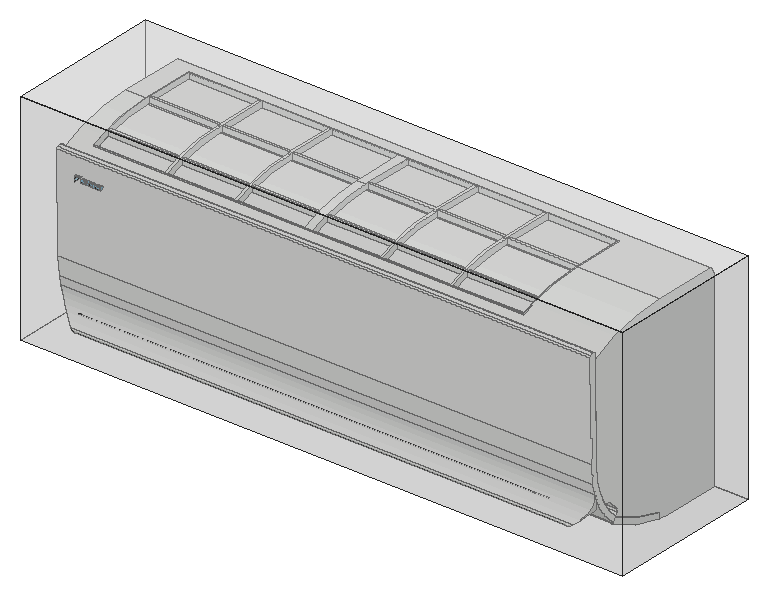
Revit family "outputfile", category 機械設備, Revit 2024
Family settings
  丸型コネクタ寸法 = 半径を使用
  パーツ タイプ = 標準
  OmniClass 番号 = 23.75.10.24.21.27.27
  OmniClass タイトル = Split System Air Conditioning Units
  作業面ベース = いいえ
  常に垂直 = はい
  ロード時にボイドで切り取り = いいえ
  注釈の向きを維持 = いいえ
  共有 = いいえ
  部屋計算ポイント = いいえ
Parameters (values of type "FTKE09YV2S")
  Description = ""
  製造元 = "Daikin"
  書き出し IFC クラス(タイプ) = "IfcUnitaryEquipmentType"
  定義済み IFC タイプ(タイプ) = "AIRCONDITIONINGUNIT"
  Cost = 0
  モデル = "FTKE09YV2S"
  Type Comments = ""
  Keynote = ""
  Type Image = (empty or 0)
  Assembly Code = ""
  switch_frequency = yes
  r_Liquid Pipe Size = Liquid Pipe Size / 2  # 3.2 mm
  r_Gas Pipe Size = Gas Pipe Size / 2  # 4.75 mm
  r_Drain Pipe Size = Drain Pipe Size / 2  # 8.0 mm
  lw_powersupply [instance] = if(or(Right Connection_refrigerant, Left Connection_refrigerant), 348.0 mm, if(or(Rear Right Connection_refrigerant, Bottom Right Connection_refrigerant), 30.0 mm, 740.0 mm))  # 348.0 mm
  lw_liquidpipe [instance] = if(or(Right Connection_refrigerant, Left Connection_refrigerant), 433.0 mm, if(or(Rear Right Connection_refrigerant, Bottom Right Connection_refrigerant), 40.0 mm, 730.0 mm))  # 433.0 mm
  lw_gaspipe [instance] = if(or(Right Connection_refrigerant, Left Connection_refrigerant), if(Gas Pipe Size = 9.5 mm, 335.0 mm, 345.0 mm) + 48.0 mm, if(or(Rear Right Connection_refrigerant, Bottom Right Connection_refrigerant), 55.0 mm, 715.0 mm))  # 383.0 mm
  lw_drainpipe [instance] = if(or(Right Connection_refrigerant, Left Connection_refrigerant), 488.0 mm, if(or(Rear Right Connection_refrigerant, Bottom Right Connection_refrigerant), 55.0 mm, 715.0 mm))  # 488.0 mm
  l_powersupply_length [instance] = if(Right Connection_refrigerant, 348.0 mm, if(Left Connection_refrigerant, 422.0 mm, if(or(Rear Left Connection_refrigerant, Rear Right Connection_refrigerant), 20.0 mm, 50.0 mm)))  # 348.0 mm
  l_liquidpipe_length [instance] = if(Right Connection_refrigerant, 433.0 mm, if(Left Connection_refrigerant, 337.0 mm, if(or(Rear Left Connection_refrigerant, Rear Right Connection_refrigerant), 40.0 mm, 35.0 mm)))  # 433.0 mm
  l_gaspipe_length [instance] = if(Right Connection_refrigerant, if(Gas Pipe Size = 9.5 mm, 335.0 mm, 345.0 mm) + 48.0 mm, if(Left Connection_refrigerant, 770.0 mm - (if(Gas Pipe Size = 9.5 mm, 335.0 mm, 345.0 mm) + 48.0 mm), if(or(Rear Left Connection_refrigerant, Rear Right Connection_refrigerant), 40.0 mm, 50.0 mm)))  # 383.0 mm
  l_drainpipe_length [instance] = if(Right Connection_refrigerant, 488.0 mm, if(Left Connection_refrigerant, 282.0 mm, if(or(Rear Left Connection_refrigerant, Rear Right Connection_refrigerant), 20.0 mm, 25.0 mm)))  # 488.0 mm
  h*** = 0.0 mm  # constant formula
  connector_voltage = Voltage_50Hz  # 220 V
  connector_powerinput = [Power Input (Cooling)]  # 0.860 kW
  connector_phase = Phase_50Hz  # 1
  angle_vertical [instance] = if(or(Bottom Left Connection_refrigerant, Bottom Right Connection_refrigerant), 0.00°, 90.00°)  # 90.00°
  angle_horizontal [instance] = if(Right Connection_refrigerant, 90.00°, if(Left Connection_refrigerant, -90.00°, if(or(Rear Left Connection_refrigerant, Rear Right Connection_refrigerant), 180.00°, 0.00°)))  # 90.00°
  Width = 770.0 mm
  Voltage_comment_50Hz = "220 - 240"
  Voltage_50Hz = 220 V
  Version = "ver.1.0"
  Unit Type = "Wall Mounted"
  Unit Mass Weight = 8.00 kg
  Unit Designation [instance] = ""
  Uniclass2015Version = "Products v1.30"
  Uniclass2015Title = "Split coil room air conditioning units"
  Uniclass2015Code = "Pr_70_65_03_86"
  URL = ""
  Total Cooling Capacity [instance] = 0.000 kW
  Sound Pressure Level_M speed (dBA) = 34
  Sound Pressure Level_L speed (dBA) = 27
  Sound Pressure Level_H speed (dBA) = 40
  Sound Power Level_H speed (dB) = 0
  Series = "Single Split_Fan Coil Unit"
  Sensible Cooling Capacity [instance] = 0.000 kW
  Refrigerant Type = "R32"
  Power Input (Cooling) = 0.860 kW
  Phase_50Hz = 1
  Option Accessory 3 [instance] = ""
  Option Accessory 2 [instance] = ""
  Option Accessory 1 [instance] = ""
  Nominal Cooling Capacity = 2.700 kW
  Minimum Circuit Amps_50Hz = 0.0 A
  Minimum Airflow = 426.00 m³/h
  Median Airflow = 504.00 m³/h
  Maximum Fuse Amps_50Hz = 0.0 A
  Maximum Airflow = 594.00 m³/h
  Material_Casing = DAIKIN_PureWhite_Casing_indoorunit
  Load Classification = HVAC
  Liquid Pipe Size = 6.4 mm
  Link_Nested Family [instance] = ""
  IfcVersion = ""
  IfcExportType = "AIRCONDITIONINGUNIT"
  IfcExportAs = "IfcUnitaryEquipmentType"
  Height = 285.0 mm
  Heat Exchanger Type = "Cross Fin Coil"
  Gas Pipe Size = 9.5 mm
  Frequency_50Hz = 50 Hz
  Fan Type = "Cross Flow Fan"
  Fan Drive = "-"
  FCU Tag No. [instance] = ""
  Drain Pipe Size = 16.0 mm
  Design Supply Airflow [instance] = 0.00 m³/h
  Depth = 226.0 mm
  既定の高さ = 0.0 mm
  Cooling Entering Wet Bulb Temperature [instance] = 0.00 °C
  Cooling Entering Dry Bulb Temperature [instance] = 0.00 °C
  Cooling Ambient Wet Bulb Temperature [instance] = 0.00 °C
  Cooling Ambient Dry Bulb Temperature [instance] = 0.00 °C
  Clearance visibility [instance] = yes
  Clearance Top = 30.0 mm
  Clearance Right = 50.0 mm
  Clearance Rear = 0.0 mm
  Clearance Left = 50.0 mm
  Clearance Front = 0.0 mm
  Clearance Bottom = 0.0 mm
  Bottom Right Connection_refrigerant [instance] = no
  Bottom Left Connection_refrigerant [instance] = no
  Rear Right Connection_refrigerant [instance] = no
  Rear Left Connection_refrigerant [instance] = no
  Right Connection_refrigerant [instance] = yes
  Left Connection_refrigerant [instance] = no
Reference planes
  plane 1 "Back": y = 0
  plane 2: z = 0
  plane 3 "Center (Left/Right)": x = 0
  plane 4: y = -133
  plane 5: y = -266
  plane 6 "Left": x = -385
  plane 7 "Right": x = 385
  plane 8 "Top": z = 0
  plane 9: y = 0
  plane 10: z = -285
  plane 11 "Clearance Front": y = -226
  plane 12 "Bottom": z = -285
  plane 13: z = -285
  plane 14: z = 30
  plane 15 "Front": y = -226
  plane 16 "Clearance Rear": y = 0
  plane 17: x = 2
  plane 18: x = -48
  plane 19: x = -103
  plane 20: y = -40
  plane 21: y = -20
  plane 22: x = 37
  plane 23: x = -435
  plane 24: x = 435
  plane 25: x = 337
Forms (mm)
  Extrusion 1, solid, material "DAIKIN_PureWhite_Casing_indoorunit" <- "Material_Casing", not visible
    sketch origin (-379, 1296.25, 1210) x (0, 1, 0) y (0, 0, 1)
      loop
        line (-1296.25, -1427) -> (-1326.25, -1427)
        arc (-1326.25, -1427) -> (-1340.393, -1432.858) -> (-1346.25, -1447) r 20
        line (-1346.25, -1447) -> (-1346.25, -1467)
        arc (-1346.25, -1467) -> (-1340.393, -1481.142) -> (-1326.25, -1487) r 20
        line (-1326.25, -1487) -> (-1296.25, -1487) -> (-1296.25, -1427)
    from 759 to 764
  Extrusion 2, solid, material "DAIKIN_PureWhite_Casing_indoorunit" <- "Material_Casing"
    sketch origin (-495, 1156.25, 1200) x (0, 1, 0) y (0, 0, 1)
      loop
        line (-1156.25, -1485) -> (-1156.25, -1208.5) -> (-1161.25, -1200) -> (-1254.25, -1200)
        arc (-1254.25, -1200) -> (-1314.413, -1207.347) -> (-1371.039, -1228.956) r 250
        arc (-1371.039, -1228.956) -> (-1370.963, -1294.87) -> (-1368.901, -1360.751) r 2186.827
        arc (-1368.901, -1360.751) -> (-1367.931, -1373.599) -> (-1366.216, -1386.369) r 221.844
        arc (-1366.216, -1386.369) -> (-1361.341, -1405) -> (-1353.083, -1422.397) r 103
        line (-1353.083, -1422.397) -> (-1345.22, -1422.397)
        arc (-1345.22, -1422.397) -> (-1343.826, -1422.741) -> (-1342.751, -1423.693) r 3
        arc (-1342.751, -1423.693) -> (-1337.001, -1431.196) -> (-1330.533, -1438.09) r 95
        arc (-1330.533, -1438.09) -> (-1329.645, -1439.831) -> (-1330.018, -1441.749) r 3
        line (-1330.018, -1441.749) -> (-1332.498, -1446.044)
        arc (-1332.498, -1446.044) -> (-1295.066, -1463.723) -> (-1255.079, -1474.437) r 231
        arc (-1255.079, -1474.437) -> (-1254.485, -1474.778) -> (-1254.25, -1475.422) r 1
        line (-1254.25, -1475.422) -> (-1254.25, -1483.703)
        arc (-1254.25, -1483.703) -> (-1250.776, -1484.245) -> (-1247.294, -1484.736) r 240
        arc (-1247.294, -1484.736) -> (-1245.313, -1484.934) -> (-1243.323, -1485) r 30
        line (-1243.323, -1485) -> (-1156.25, -1485)
    from 110 to 880
  Extrusion 3, solid, material "DAIKIN_PureWhite_Casing_indoorunit" <- "Material_Casing"
    sketch origin (-622.601, -1524, -230) x (-1, 0, 0) y (0, -1, 0)
      loop
        line (-996.615, -1494) -> (-996.615, -1524) -> (-936.615, -1524) -> (-936.615, -1494)
        arc (-936.615, -1494) -> (-942.473, -1479.858) -> (-956.615, -1474) r 20
        line (-956.615, -1474) -> (-976.615, -1474)
        arc (-976.615, -1474) -> (-990.757, -1479.858) -> (-996.615, -1494) r 20
      loop
        arc (-248.601, -1494) -> (-254.459, -1479.858) -> (-268.601, -1474) r 20
        line (-268.601, -1474) -> (-288.601, -1474)
        arc (-288.601, -1474) -> (-302.743, -1479.858) -> (-308.601, -1494) r 20
        line (-308.601, -1494) -> (-308.601, -1524) -> (-248.601, -1524) -> (-248.601, -1494)
    from -55 to -50
  Extrusion 4, solid, material "DAIKIN_PureWhite_Casing_indoorunit" <- "Material_Casing"
    sketch origin (0, 0, 10) x (1, 0, 0) y (0, 0, 1)
      loop
        circle (337, -250.5) r 32.5
      loop
        circle (-337, -250.5) r 32.5
    from 0 to 5
  Extrusion 5, solid, material "DAIKIN_PureWhite_Casing_indoorunit" <- "Material_Casing"
    sketch origin (489, 1296.25, 1210) x (0, 1, 0) y (0, 0, -1)
      loop
        line (-1296.25, 1427) -> (-1296.25, 1487) -> (-1326.25, 1487)
        arc (-1326.25, 1487) -> (-1340.393, 1481.142) -> (-1346.25, 1467) r 20
        line (-1346.25, 1467) -> (-1346.25, 1447)
        arc (-1346.25, 1447) -> (-1340.393, 1432.858) -> (-1326.25, 1427) r 20
        line (-1326.25, 1427) -> (-1296.25, 1427)
    from 869 to 874
  Extrusion 6, solid, material "DAIKIN_PureWhite_Casing_indoorunit" <- "Material_Casing"
    sketch origin (-385, 1156.25, 1200) x (0, 1, 0) y (0, 0, 1)
      loop
        arc (-1374.103, -1387.706) -> (-1361.832, -1423.213) -> (-1338.419, -1452.594) r 111
        arc (-1338.419, -1452.594) -> (-1337.834, -1452.764) -> (-1337.333, -1452.419) r 0.709
        line (-1337.333, -1452.419) -> (-1334.084, -1446.792)
        arc (-1334.084, -1446.792) -> (-1333.962, -1446.14) -> (-1334.274, -1445.556) r 1
        arc (-1334.274, -1445.556) -> (-1355.212, -1418.643) -> (-1366.216, -1386.369) r 103
        arc (-1366.216, -1386.369) -> (-1367.931, -1373.599) -> (-1368.901, -1360.751) r 221.844
        arc (-1368.901, -1360.751) -> (-1370.989, -1293.222) -> (-1370.99, -1225.661) r 2186.827
        arc (-1370.99, -1225.661) -> (-1370.93, -1221.937) -> (-1370.863, -1218.213) r 2192
        arc (-1370.863, -1218.213) -> (-1371.146, -1217.637) -> (-1371.78, -1217.535) r 0.7
        line (-1371.78, -1217.535) -> (-1377.538, -1219.406)
        arc (-1377.538, -1219.406) -> (-1378.425, -1219.99) -> (-1378.887, -1220.946) r 2
        arc (-1378.887, -1220.946) -> (-1379.035, -1290.894) -> (-1376.907, -1360.81) r 2149.92
        arc (-1376.907, -1360.81) -> (-1375.901, -1374.299) -> (-1374.103, -1387.706) r 229.911
    from 0 to 770
  Extrusion 7, solid, material "DAIKIN_PureWhite_Casing_indoorunit" <- "Material_Casing"
    sketch origin (-385, 1156.25, 1200) x (0, 1, 0) y (0, 0, 1)
      loop
        arc (-1336.569, -1454.09) -> (-1297.525, -1472.406) -> (-1255.834, -1483.439) r 240
        arc (-1255.834, -1483.439) -> (-1255.428, -1483.328) -> (-1255.25, -1482.946) r 0.5
        line (-1255.25, -1482.946) -> (-1255.25, -1475.422)
        arc (-1255.25, -1475.422) -> (-1295.171, -1464.749) -> (-1332.564, -1447.164) r 232
        arc (-1332.564, -1447.164) -> (-1332.945, -1447.112) -> (-1333.249, -1447.346) r 0.5
        line (-1333.249, -1447.346) -> (-1336.741, -1453.393)
        arc (-1336.741, -1453.393) -> (-1336.802, -1453.778) -> (-1336.569, -1454.09) r 0.5
    from 0 to 770
  Extrusion 8, solid, material "DAIKIN_PureWhite_Casing_indoorunit" <- "Material_Casing"
    sketch origin (-385, 1156.25, 1200) x (0, 1, 0) y (0, 0, 1)
      loop
        arc (-1371.046, -1401.088) -> (-1370.514, -1423.975) -> (-1381.552, -1444.032) r 44
        arc (-1381.552, -1444.032) -> (-1382.188, -1446.32) -> (-1380.625, -1448.108) r 2.5
        arc (-1380.625, -1448.108) -> (-1367.897, -1451.601) -> (-1354.751, -1452.778) r 74
        line (-1354.751, -1452.778) -> (-1338.211, -1452.778)
        arc (-1338.211, -1452.778) -> (-1358.264, -1429.242) -> (-1371.046, -1401.088) r 111
    from 0 to 770
  Extrusion 9, solid, material "DAIKIN_PureWhite_Casing_indoorunit" <- "Material_Casing"
    sketch origin (-385, 1156.25, 1200) x (0, 1, 0) y (0, 0, 1)
      loop
        line (-1254.32, -1208) -> (-1177.85, -1208) -> (-1177.85, -1200) -> (-1254.25, -1200)
        arc (-1254.25, -1200) -> (-1302.879, -1204.775) -> (-1349.65, -1218.918) r 250
        line (-1349.65, -1218.918) -> (-1349.65, -1227.568)
        arc (-1349.65, -1227.568) -> (-1302.979, -1212.942) -> (-1254.32, -1208) r 242
    from 29.359 to 650.764
  Extrusion 10, void
    sketch origin (-385, 1156.25, 1200) x (0, 1, 0) y (0, 0, 1)
      loop
        line (-1349.65, -1215.676) -> (-1349.65, -1227.568)
        arc (-1349.65, -1227.568) -> (-1302.979, -1212.942) -> (-1254.32, -1208) r 242
        line (-1254.32, -1208) -> (-1177.85, -1208) -> (-1177.85, -1197) -> (-1254.25, -1197)
        arc (-1254.25, -1197) -> (-1302.856, -1201.713) -> (-1349.65, -1215.676) r 253
    from 29.359 to 650.764
  Extrusion 11, void
    sketch origin (-610.615, -1524, -240) x (-1, 0, 0) y (0, -1, 0)
      loop
        line (-255.68, -1501.684) -> (-255.68, -1432.659) -> (-357.948, -1432.659) -> (-357.948, -1501.684) -> (-255.68, -1501.684)
      loop
        line (-361.28, -1501.684) -> (-361.28, -1432.659) -> (-459.048, -1432.659) -> (-459.048, -1501.684) -> (-361.28, -1501.684)
      loop
        line (-255.68, -1429.341) -> (-255.68, -1358.741) -> (-357.948, -1358.741) -> (-357.948, -1429.341) -> (-255.68, -1429.341)
      loop
        line (-255.68, -1356.618) -> (-255.68, -1331.319) -> (-357.948, -1331.319) -> (-357.948, -1356.618) -> (-255.68, -1356.618)
      loop
        line (-361.274, -1429.341) -> (-361.274, -1358.741) -> (-459.048, -1358.741) -> (-459.048, -1429.341) -> (-361.274, -1429.341)
      loop
        line (-361.274, -1356.618) -> (-361.274, -1331.319) -> (-459.048, -1331.319) -> (-459.048, -1356.618) -> (-361.274, -1356.618)
      loop
        line (-462.312, -1501.684) -> (-462.312, -1432.659) -> (-559.622, -1432.659) -> (-559.622, -1501.684) -> (-462.312, -1501.684)
      loop
        line (-462.306, -1429.341) -> (-462.306, -1358.741) -> (-559.622, -1358.741) -> (-559.622, -1429.341) -> (-462.306, -1429.341)
      loop
        line (-462.306, -1356.618) -> (-462.306, -1331.319) -> (-559.622, -1331.319) -> (-559.622, -1356.618) -> (-462.306, -1356.618)
      loop
        line (-571.622, -1501.684) -> (-571.622, -1432.659) -> (-668.931, -1432.659) -> (-668.931, -1501.684) -> (-571.622, -1501.684)
      loop
        line (-672.311, -1501.684) -> (-672.311, -1432.659) -> (-770.079, -1432.659) -> (-770.079, -1501.684) -> (-672.311, -1501.684)
      loop
        line (-571.622, -1429.341) -> (-571.622, -1358.741) -> (-668.925, -1358.741) -> (-668.925, -1429.341) -> (-571.622, -1429.341)
      loop
        line (-571.622, -1356.618) -> (-571.622, -1331.319) -> (-668.925, -1331.319) -> (-668.925, -1356.618) -> (-571.622, -1356.618)
      loop
        line (-672.311, -1429.341) -> (-672.311, -1358.741) -> (-770.079, -1358.741) -> (-770.079, -1429.341) -> (-672.311, -1429.341)
      loop
        line (-672.311, -1356.618) -> (-672.311, -1331.319) -> (-770.079, -1331.319) -> (-770.079, -1356.618) -> (-672.311, -1356.618)
      loop
        line (-773.411, -1501.684) -> (-773.411, -1432.659) -> (-875.679, -1432.659) -> (-875.679, -1501.684) -> (-773.411, -1501.684)
      loop
        line (-773.411, -1429.341) -> (-773.411, -1358.741) -> (-875.679, -1358.741) -> (-875.679, -1429.341) -> (-773.411, -1429.341)
      loop
        line (-773.411, -1356.618) -> (-773.411, -1331.319) -> (-875.679, -1331.319) -> (-875.679, -1356.618) -> (-773.411, -1356.618)
    from 208.902 to 245
  Extrusion 12, void
    sketch origin (-385, 1156.25, 1200) x (0, 1, 0) y (0, 0, 1)
      loop
        arc (-1339.36, -1455.929) -> (-1309.531, -1470.929) -> (-1277.928, -1481.699) r 243
        line (-1277.928, -1481.699) -> (-1275.103, -1471.068)
        arc (-1275.103, -1471.068) -> (-1305.332, -1460.762) -> (-1333.859, -1446.402) r 232
        line (-1333.859, -1446.402) -> (-1339.36, -1455.929)
    from 47 to 652
  Extrusion 13, solid, material "DAIKIN_PureWhite_Casing_indoorunit" <- "Material_Casing"
    sketch origin (-385, 1156.25, 1200) x (0, 1, 0) y (0, 0, 1)
      loop
        arc (-1336.998, -1453.838) -> (-1307.924, -1468.349) -> (-1277.157, -1478.8) r 240
        line (-1277.157, -1478.8) -> (-1275.103, -1471.068)
        arc (-1275.103, -1471.068) -> (-1304.871, -1460.955) -> (-1332.998, -1446.91) r 232
        line (-1332.998, -1446.91) -> (-1336.998, -1453.838)
    from 52.507 to 648.507
  Extrusion 14, void
    sketch origin (0, 0, 0) x (1, 0, 0) y (0, 0, 1)
      loop
        line (-395, -201.088) -> (-395, -259.424) -> (-333.271, -259.424) -> (-333.271, -252.778)
        arc (-333.271, -252.778) -> (-369.835, -237.641) -> (-385, -201.088) r 51.729
        line (-385, -201.088) -> (-395, -201.088)
    from 118.853 to 250
  Extrusion 15, void
    sketch origin (0, 0, 0) x (1, 0, 0) y (0, 0, 1)
      loop
        arc (385, -200.608) -> (369.72, -237.498) -> (332.829, -252.778) r 52.171
        line (332.829, -252.778) -> (332.829, -262.778) -> (392.829, -262.778) -> (392.829, -192.778) -> (385, -192.778) -> (385, -200.608)
    from 140.894 to 250
Cuts and joins
  Extrusion 10 cuts Extrusion 2
  Extrusion 11 cuts Extrusion 9
  Extrusion 12 cuts Extrusion 7
  Extrusion 14, Extrusion 15 cuts Extrusion 8
Lines and regions (mm)
  reference lines
    curve 1: line (-395.5, -222.696, -45.45) -> (-395.5, -222.696, -55.45)
Dimensions and locks
  equal spacing: plane 6 "Left", plane 3 "Center (Left/Right)", plane 7 "Right"
  "Width": plane 6 "Left" to plane 7 "Right"
  level to plane 10 = 285.0 mm
  locked: Extrusion 4 sketch curve to plane 6 "Left" at 48
  locked: plane 7 "Right" to Extrusion 4 sketch curve at 48
  locked: plane 8 "Top" to Extrusion 4 sketch curve at 240.5  (x2)
  locked: plane 6 "Left" to Extrusion 3 sketch curve at 11
  locked: Extrusion 3 sketch curve to Extrusion 3 sketch curve at 60  (x2)
  locked: Extrusion 3 sketch curve to plane 7 "Right" at 10.986
  "Height": plane 8 "Top" to plane 12 "Bottom"
  "Clearance Top": plane 14 to plane 8 "Top"
  "Clearance Bottom": plane 12 "Bottom" to plane 13
  "Depth": plane 15 "Front" to plane 1 "Back"
  "Clearance Front": plane 15 "Front" to plane 11 "Clearance Front"
  "Clearance Rear": plane 16 "Clearance Rear" to plane 1 "Back"
  locked: plane 1 "Back" to plane 20 at 40
  locked: plane 1 "Back" to plane 21 at 20
  "Clearance Left": plane 23 to plane 6 "Left"
  "Clearance Right": plane 7 "Right" to plane 24
  "lw_powersupply": plane 22 to plane 7 "Right"
  locked: plane 25 to plane 7 "Right" at 48
  "lw_gaspipe": plane 17 to plane 7 "Right"
  "lw_liquidpipe": plane 18 to plane 7 "Right"
  "lw_drainpipe": plane 19 to plane 7 "Right"
  aligned and locked: level to plane 2
  aligned and locked: nested 2 to curve 1
  aligned and locked: plane 7 "Right" to Extrusion 1
  aligned and locked: plane 19 to nested 3
  aligned and locked: plane 18 to nested 4
  aligned and locked: plane 22 to nested 5
  aligned and locked: plane 17 to nested 6
  aligned and locked: nested 6 to plane 20
  aligned and locked: nested 4 to plane 20
  aligned and locked: nested 3 to plane 21
  aligned and locked: nested 5 to plane 21
  aligned and locked: nested 1 to plane 16 "Clearance Rear"
  aligned and locked: plane 11 "Clearance Front" to nested 1
  aligned and locked: nested 1 to plane 13
  aligned and locked: nested 1 to plane 14
  aligned and locked: nested 1 to plane 23
  aligned and locked: plane 24 to nested 1
Automatic sketch dimensions
  Extrusion 1 sketch curve to plane 1 "Back" = 0.0 mm
  plane 1 "Back" to Extrusion 1 sketch curve = 30.0 mm  (x2)
  Extrusion 1 sketch curve to Extrusion 1 sketch curve = 20.0 mm  (x2)
  Extrusion 1 sketch curve to level = 277.0 mm
  Extrusion 2 sketch curve to Extrusion 2 sketch curve = 0.0 mm  (x8)
  Extrusion 2 sketch curve to level = 0.0 mm
  Extrusion 2 sketch curve to plane 10 = 0.0 mm
  Extrusion 2 sketch curve to plane 1 "Back" = 0.0 mm
  plane 1 "Back" to Extrusion 2 sketch curve = 5.0 mm
  plane 1 "Back" to Extrusion 2 sketch curve = 59.278 mm
  plane 4 to Extrusion 2 sketch curve = 45.927 mm
  plane 10 to Extrusion 2 sketch curve = 1.297 mm
  Extrusion 2 sketch curve to Extrusion 2 sketch curve = 10.927 mm
  plane 4 to Extrusion 2 sketch curve = 35.0 mm
  Extrusion 2 sketch curve to Extrusion 2 sketch curve = 1.0 mm
  plane 4 to Extrusion 2 sketch curve = 24.681 mm
  Extrusion 2 sketch curve to plane 4 = 40.768 mm
  Extrusion 2 sketch curve to Extrusion 2 sketch curve = 2.48 mm
  Extrusion 2 sketch curve to Extrusion 2 sketch curve = 2.598 mm
  Extrusion 2 sketch curve to Extrusion 2 sketch curve = 12.604 mm
  Extrusion 2 sketch curve to Extrusion 2 sketch curve = 7.862 mm
  Extrusion 2 sketch curve to plane 1 "Back" = 8.955 mm
  Extrusion 2 sketch curve to level = 59.408 mm
  Extrusion 2 sketch curve to Extrusion 2 sketch curve = 1962.872 mm
  Extrusion 2 sketch curve to Extrusion 2 sketch curve = 8.281 mm
  Extrusion 2 sketch curve to Extrusion 2 sketch curve = 20.422 mm
  Extrusion 2 sketch curve to Extrusion 2 sketch curve = 5.0 mm
  plane 10 to Extrusion 2 sketch curve = 38.956 mm
  Extrusion 2 sketch curve to Extrusion 2 sketch curve = 4.295 mm
  Extrusion 2 sketch curve to Extrusion 2 sketch curve = 1.5 mm
  Extrusion 2 sketch curve to Extrusion 2 sketch curve = 14.851 mm
  Extrusion 2 sketch curve to Extrusion 2 sketch curve = 3.0 mm
  Extrusion 2 sketch curve to Extrusion 2 sketch curve = 80.275 mm
  Extrusion 2 sketch curve to Extrusion 2 sketch curve = 19.254 mm
  Extrusion 2 sketch curve to level = 46.847 mm
  Extrusion 2 sketch curve to level = 8.5 mm
  Extrusion 2 sketch curve to Extrusion 2 sketch curve = 13.133 mm
  plane 1 "Back" to Extrusion 3 sketch curve = 0.0 mm  (x2)
  Extrusion 3 sketch curve to Extrusion 3 sketch curve = 20.0 mm  (x4)
  plane 1 "Back" to Extrusion 3 sketch curve = 30.0 mm  (x2)
  Extrusion 5 sketch curve to plane 1 "Back" = 0.0 mm
  plane 1 "Back" to Extrusion 5 sketch curve = 30.0 mm  (x2)
  Extrusion 5 sketch curve to Extrusion 5 sketch curve = 20.0 mm  (x2)
  Extrusion 5 sketch curve to level = 217.0 mm
  Extrusion 6 sketch curve to Extrusion 6 sketch curve = 0.0 mm  (x5)
  Extrusion 6 sketch curve to level = 19.406 mm
  Extrusion 6 sketch curve to Extrusion 6 sketch curve = 1.349 mm
  Extrusion 6 sketch curve to Extrusion 6 sketch curve = 0.618 mm
  Extrusion 6 sketch curve to level = 17.535 mm
  Extrusion 6 sketch curve to Extrusion 6 sketch curve = 5.759 mm
  Extrusion 6 sketch curve to Extrusion 6 sketch curve = 0.217 mm
  Extrusion 6 sketch curve to plane 4 = 48.697 mm
  Extrusion 6 sketch curve to Extrusion 6 sketch curve = 0.614 mm
  Extrusion 6 sketch curve to Extrusion 6 sketch curve = 2.997 mm
  Extrusion 6 sketch curve to Extrusion 6 sketch curve = 0.866 mm
  plane 4 to Extrusion 6 sketch curve = 24.681 mm
  Extrusion 6 sketch curve to plane 1 "Back" = 8.955 mm
  Extrusion 6 sketch curve to Extrusion 6 sketch curve = 0.067 mm
  Extrusion 6 sketch curve to level = 60.455 mm
  Extrusion 6 sketch curve to Extrusion 6 sketch curve = 44.907 mm
  Extrusion 6 sketch curve to Extrusion 6 sketch curve = 5.173 mm
  Extrusion 6 sketch curve to level = 150.462 mm
  Extrusion 6 sketch curve to Extrusion 6 sketch curve = 0.008 mm
  Extrusion 6 sketch curve to Extrusion 6 sketch curve = 19.254 mm
  Extrusion 6 sketch curve to Extrusion 6 sketch curve = 76.567 mm
  Extrusion 6 sketch curve to Extrusion 6 sketch curve = 0.5 mm
  Extrusion 6 sketch curve to Extrusion 6 sketch curve = 5.772 mm
  Extrusion 6 sketch curve to Extrusion 6 sketch curve = 1.017 mm
  Extrusion 6 sketch curve to Extrusion 6 sketch curve = 0.03 mm
  Extrusion 6 sketch curve to Extrusion 6 sketch curve = 0.665 mm
  plane 5 to Extrusion 6 sketch curve = 45.344 mm
  Extrusion 6 sketch curve to Extrusion 6 sketch curve = 5.93 mm
  Extrusion 6 sketch curve to Extrusion 6 sketch curve = 7.888 mm
  Extrusion 7 sketch curve to plane 4 = 47.49 mm
  Extrusion 7 sketch curve to Extrusion 7 sketch curve = 0.424 mm
  Extrusion 7 sketch curve to Extrusion 7 sketch curve = 3.491 mm
  Extrusion 7 sketch curve to Extrusion 7 sketch curve = 0.433 mm
  plane 4 to Extrusion 7 sketch curve = 33.5 mm
  Extrusion 7 sketch curve to Extrusion 7 sketch curve = 0.5 mm
  plane 1 "Back" to Extrusion 7 sketch curve = 59.278 mm
  Extrusion 7 sketch curve to Extrusion 7 sketch curve = 0.0 mm  (x4)
  Extrusion 7 sketch curve to level = 282.946 mm
  Extrusion 7 sketch curve to Extrusion 7 sketch curve = 7.524 mm
  Extrusion 7 sketch curve to Extrusion 7 sketch curve = 21.764 mm
  Extrusion 7 sketch curve to Extrusion 7 sketch curve = 0.265 mm
  Extrusion 7 sketch curve to Extrusion 7 sketch curve = 6.062 mm
  Extrusion 7 sketch curve to Extrusion 7 sketch curve = 0.25 mm
  Extrusion 7 sketch curve to level = 46.848 mm
  Extrusion 7 sketch curve to Extrusion 7 sketch curve = 0.084 mm
  plane 5 to Extrusion 8 sketch curve = 8.997 mm
  plane 5 to Extrusion 8 sketch curve = 42.5 mm
  Extrusion 8 sketch curve to Extrusion 8 sketch curve = 25.0 mm
  Extrusion 8 sketch curve to Extrusion 8 sketch curve = 16.54 mm
  plane 4 to Extrusion 8 sketch curve = 24.681 mm
  Extrusion 8 sketch curve to level = 252.778 mm
  Extrusion 8 sketch curve to Extrusion 8 sketch curve = 7.013 mm
  Extrusion 8 sketch curve to Extrusion 8 sketch curve = 32.246 mm
  Extrusion 8 sketch curve to Extrusion 8 sketch curve = 34.741 mm
  Extrusion 8 sketch curve to Extrusion 8 sketch curve = 9.054 mm
  Extrusion 8 sketch curve to Extrusion 8 sketch curve = 1.801 mm
  Extrusion 8 sketch curve to Extrusion 8 sketch curve = 0.0 mm  (x2)
  Extrusion 8 sketch curve to Extrusion 8 sketch curve = 16.296 mm
  Extrusion 9 sketch curve to level = 0.0 mm
  Extrusion 9 sketch curve to level = 18.918 mm
  Extrusion 9 sketch curve to plane 4 = 60.4 mm
  Extrusion 9 sketch curve to level = 8.0 mm
  plane 4 to Extrusion 9 sketch curve = 34.93 mm
  Extrusion 9 sketch curve to Extrusion 9 sketch curve = 0.07 mm
  plane 1 "Back" to Extrusion 9 sketch curve = 21.6 mm
  Extrusion 9 sketch curve to Extrusion 9 sketch curve = 0.0 mm
  Extrusion 10 sketch curve to level = 27.568 mm
  Extrusion 10 sketch curve to plane 4 = 60.4 mm
  plane 4 to Extrusion 10 sketch curve = 34.93 mm
  level to Extrusion 10 sketch curve = 3.0 mm
  Extrusion 10 sketch curve to Extrusion 10 sketch curve = 0.07 mm
  plane 1 "Back" to Extrusion 10 sketch curve = 21.6 mm
  Extrusion 10 sketch curve to Extrusion 10 sketch curve = 222.432 mm
  Extrusion 10 sketch curve to Extrusion 10 sketch curve = 0.0 mm
  plane 4 to Extrusion 11 sketch curve = 38.341 mm
  Extrusion 11 sketch curve to plane 7 "Right" = 119.936 mm
  Extrusion 11 sketch curve to Extrusion 11 sketch curve = 0.0 mm  (x22)
  plane 1 "Back" to Extrusion 11 sketch curve = 22.316 mm  (x3)
  Extrusion 11 sketch curve to Extrusion 11 sketch curve = 102.268 mm
  Extrusion 11 sketch curve to Extrusion 11 sketch curve = 3.332 mm  (x3)
  plane 3 "Center (Left/Right)" to Extrusion 11 sketch curve = 61.696 mm  (x2)
  Extrusion 11 sketch curve to Extrusion 11 sketch curve = 3.38 mm
  Extrusion 11 sketch curve to Extrusion 11 sketch curve = 3.386 mm
  Extrusion 11 sketch curve to Extrusion 11 sketch curve = 0.006 mm  (x3)
  Extrusion 11 sketch curve to plane 3 "Center (Left/Right)" = 38.993 mm  (x2)
  Extrusion 11 sketch curve to Extrusion 11 sketch curve = 12.0 mm  (x2)
  plane 4 to Extrusion 11 sketch curve = 41.659 mm  (x3)
  Extrusion 11 sketch curve to Extrusion 11 sketch curve = 97.309 mm
  Extrusion 11 sketch curve to plane 4 = 32.259 mm  (x4)
  Extrusion 11 sketch curve to Extrusion 11 sketch curve = 3.264 mm
  Extrusion 11 sketch curve to Extrusion 11 sketch curve = 3.258 mm  (x2)
  Extrusion 11 sketch curve to Extrusion 11 sketch curve = 97.768 mm
  Extrusion 11 sketch curve to Extrusion 11 sketch curve = 3.326 mm
  plane 6 "Left" to Extrusion 11 sketch curve = 30.066 mm
  Extrusion 11 sketch curve to Extrusion 11 sketch curve = 3.317 mm  (x5)
  Extrusion 11 sketch curve to Extrusion 11 sketch curve = 2.124 mm  (x6)
  Extrusion 11 sketch curve to Extrusion 11 sketch curve = 25.299 mm  (x5)
  plane 4 to Extrusion 12 sketch curve = 11.323 mm
  Extrusion 12 sketch curve to Extrusion 12 sketch curve = 2.825 mm
  Extrusion 12 sketch curve to Extrusion 12 sketch curve = 0.0 mm  (x2)
  Extrusion 12 sketch curve to level = 281.699 mm
  Extrusion 12 sketch curve to Extrusion 12 sketch curve = 10.631 mm
  Extrusion 13 sketch curve to plane 4 = 47.748 mm
  Extrusion 13 sketch curve to Extrusion 13 sketch curve = 4.0 mm
  plane 4 to Extrusion 13 sketch curve = 12.093 mm
  Extrusion 13 sketch curve to Extrusion 13 sketch curve = 2.054 mm
  plane 1 "Back" to Extrusion 13 sketch curve = 59.278 mm
  Extrusion 13 sketch curve to Extrusion 13 sketch curve = 0.0 mm
  Extrusion 13 sketch curve to level = 278.8 mm
  Extrusion 13 sketch curve to Extrusion 13 sketch curve = 7.732 mm
  Extrusion 13 sketch curve to Extrusion 13 sketch curve = 17.23 mm
  Extrusion 13 sketch curve to Extrusion 13 sketch curve = 6.928 mm
  Extrusion 12 sketch curve to plane 4 = 50.109 mm
  plane 1 "Back" to Extrusion 12 sketch curve = 59.278 mm
  Extrusion 12 sketch curve to Extrusion 12 sketch curve = 15.14 mm
  Extrusion 12 sketch curve to Extrusion 12 sketch curve = 5.5 mm
  Extrusion 14 sketch curve to plane 6 "Left" = 10.0 mm
  plane 6 "Left" to Extrusion 14 sketch curve = 0.0 mm
  plane 7 "Right" to Extrusion 15 sketch curve = 7.829 mm
  Extrusion 15 sketch curve to plane 7 "Right" = 0.0 mm
  Extrusion 6 sketch curve to plane 4 = 87.67 mm
  Extrusion 6 sketch curve to Extrusion 6 sketch curve = 1.902 mm
  Extrusion 6 sketch curve to Extrusion 6 sketch curve = 2.804 mm
  plane 6 "Left" to Extrusion 14 sketch curve = 51.729 mm
  Extrusion 14 sketch curve to Extrusion 14 sketch curve = 6.646 mm
  Extrusion 15 sketch curve to Extrusion 15 sketch curve = 10.0 mm
  Extrusion 14 sketch curve to level = 259.424 mm
  Extrusion 14 sketch curve to Extrusion 14 sketch curve = 58.337 mm
  Extrusion 15 sketch curve to plane 7 "Right" = 52.171 mm
  Extrusion 15 sketch curve to level = 262.778 mm
  Extrusion 15 sketch curve to Extrusion 15 sketch curve = 7.829 mm
  plane 5 to curve 1 = 43.304 mm
  curve 1 to level = 55.45 mm
  curve 1 to curve 1 = 10.0 mm
  radius of Extrusion 4 sketch curve = 32.5 mm  (x2)
Nested families
  nested 1: "daikin_clearancespace" at (0, -113, -127.381), show <- "Clearance visibility", visible <- "Clearance visibility", Link_Nested Family <- "Link_Nested Family", type "daikin_clearancespace"
    with width 870.0 mm, show yes, height 315.0 mm, depth 226.0 mm, Link_Nested Family ""
  nested 2: "daikin_logo_plane_w40" at (-338, -222.696, -45) x (1, 0, 0) z (0, -1, 0), type "daikin_logo_plane_w40"
    with show_logo yes
  nested 3: "daikin_connector_rotate3" at (-103, -20, -260), angle_vertical <- "angle_vertical", angle_horizontal <- "angle_horizontal", length <- "l_drainpipe_length", radius <- "r_Drain Pipe Size", type "daikin_connector_rotate3"
    with show no, radius 8.0 mm, length 488.0 mm, angle_vertical 90.00°, angle_horizontal 90.00°
  nested 4: "daikin_connector_rotate3" at (-48, -40, -250), angle_vertical <- "angle_vertical", angle_horizontal <- "angle_horizontal", length <- "l_liquidpipe_length", radius <- "r_Liquid Pipe Size", type "daikin_connector_rotate3"
    with show no, radius 3.2 mm, length 433.0 mm, angle_vertical 90.00°, angle_horizontal 90.00°
  nested 5: "daikin_connector_rotate3" at (37, -20, -235), angle_vertical <- "angle_vertical", angle_horizontal <- "angle_horizontal", length <- "l_powersupply_length", type "daikin_connector_rotate3"
    with show no, radius 10.0 mm, length 348.0 mm, angle_vertical 90.00°, angle_horizontal 90.00°
  nested 6: "daikin_connector_rotate3" at (2, -40, -235), angle_vertical <- "angle_vertical", angle_horizontal <- "angle_horizontal", length <- "l_gaspipe_length", radius <- "r_Gas Pipe Size", type "daikin_connector_rotate3"
    with show no, radius 4.75 mm, length 383.0 mm, angle_vertical 90.00°, angle_horizontal 90.00°
Connectors
  electrical at (385, -20, -235), driven by "Load Classification", driven by "connector_voltage", driven by "connector_phase", driven by "connector_powerinput"
    settings: on nested 5, index 1, voltage 220 V, apparent load 860 VA, apparent load phase1 0 VA, apparent load phase2 0 VA, apparent load phase3 0 VA, power factor 1, load classification "HVAC", number of poles 1, system type 30, power factor state 1, is connector primary yes, connector utility no, sub classification motor no, connector description "Power Supply"
  piping at (385, -20, -260), diameter 16, driven by "r_Drain Pipe Size"
    settings: on nested 3, index 2, connector inside diameter 609.6 mm, connector length 0.0 mm, flow factor 0, pipe flow 0.00 m³/h, pressure drop 0.0 Pa, fitting loss kfactor 0, connector angle 0.00°, fixture units 0, engagement length 0.0 mm, angle of deflection 0.00°, flow configuration 1, flow direction 2, fitting loss method 4, system type 16, joint type 0, gender type 0, connector reference index -1, connector utility 0, adjustable connector no, is connector primary yes, connector description "Condensate Drain Piping"
  piping at (385, -40, -235), diameter 9.5, driven by "r_Gas Pipe Size"
    settings: on nested 6, index 3, connector inside diameter 609.6 mm, connector length 0.0 mm, flow factor 0, pipe flow 0.00 m³/h, pressure drop 0.0 Pa, fitting loss kfactor 0, connector angle 0.00°, fixture units 0, engagement length 0.0 mm, angle of deflection 0.00°, flow configuration 1, flow direction 2, fitting loss method 0, system type 29, joint type 0, gender type 0, connector reference index -1, connector utility 0, adjustable connector no, is connector primary no, connector description "Refrigerant Gas Piping"
  piping at (385, -40, -250), diameter 6.4, driven by "r_Liquid Pipe Size"
    settings: on nested 4, index 4, connector inside diameter 609.6 mm, connector length 0.0 mm, flow factor 0, pipe flow 0.00 m³/h, pressure drop 0.0 Pa, fitting loss kfactor 0, connector angle 0.00°, fixture units 0, engagement length 0.0 mm, angle of deflection 0.00°, flow configuration 1, flow direction 1, fitting loss method 0, system type 29, joint type 0, gender type 0, connector reference index -1, connector utility 0, adjustable connector no, is connector primary no, connector description "Refrigerant Liquid Piping"
Definition of nested family "daikin_clearancespace"
  Parameters (values of type "daikin_clearancespace")
    Description = "daikin_clearancespace"
    width [instance] = 1823.963 mm
    show [instance] = yes
    material = none
    height [instance] = 1359.762 mm
    depth [instance] = 880.0 mm
    Default Elevation = 0.0 mm
    Link_Nested Family [instance] = ""
  Reference planes
    plane 1 "Center (Front/Back)": y = 0
    plane 2 "Center (Elevation)": z = -0.119
    plane 3 "Center (Left/Right)": x = 0
    plane 4: y = 440
    plane 5: y = -440
    plane 6 "Right": x = 911.982
    plane 7 "Left": x = -911.982
    plane 8 "Top": z = 679.762
    plane 9 "Bottom": z = -680
  Forms (mm)
    Extrusion 1, solid, material <- "material", visible <- "show"
      sketch origin (0, 0, 0) x (1, 0, 0) y (0, 1, 0)
        loop
          line (-911.982, 440) -> (-911.982, -440) -> (911.982, -440) -> (911.982, 440) -> (-911.982, 440)
      from -680 to 679.762
  Lines and regions (mm)
    symbolic lines, visible <- "show"
      curve 1: line (911.982, 440, 0) -> (-911.982, 440, 0)
      curve 2: line (-911.982, 440, 0) -> (-911.982, -440, 0)
      curve 3: line (-911.982, -440, 0) -> (911.982, -440, 0)
      curve 4: line (911.982, -440, 0) -> (911.982, 440, 0)
      curve 5: line (911.982, 0, 679.762) -> (-911.982, 0, 679.762)
      curve 6: line (911.982, 0, -680) -> (911.982, 0, 679.762)
      curve 7: line (-911.982, 0, -680) -> (911.982, 0, -680)
      curve 8: line (-911.982, 0, 679.762) -> (-911.982, 0, -680)
      curve 9: line (0, 440, 679.762) -> (0, -440, 679.762)
      curve 10: line (0, -440, 679.762) -> (0, -440, -680)
      curve 11: line (0, 440, -680) -> (0, 440, 679.762)
      curve 12: line (0, -440, -680) -> (0, 440, -680)
  Dimensions and locks
    "width": plane 7 "Left" to plane 6 "Right"
    "depth": plane 4 to plane 5
    "height": plane 8 "Top" to plane 9 "Bottom"
    equal spacing: plane 7 "Left", plane 3 "Center (Left/Right)", plane 6 "Right"
    equal spacing: plane 4, plane 1 "Center (Front/Back)", plane 5
    equal spacing: plane 8 "Top", plane 2 "Center (Elevation)", plane 9 "Bottom"
    aligned and locked: level to plane 2 "Center (Elevation)"
    aligned and locked: Extrusion 1 sketch curve to plane 4
    aligned and locked: plane 7 "Left" to Extrusion 1 sketch curve
    aligned and locked: Extrusion 1 sketch curve to plane 5
    aligned and locked: Extrusion 1 sketch curve to plane 6 "Right"
    aligned and locked: plane 8 "Top" to Extrusion 1
    aligned and locked: curve 1 to Extrusion 1
    aligned and locked: curve 2 to Extrusion 1
    aligned and locked: curve 3 to Extrusion 1
    aligned and locked: curve 4 to Extrusion 1
    aligned and locked: curve 5 to Extrusion 1
    aligned and locked: curve 6 to Extrusion 1
    aligned and locked: curve 7 to Extrusion 1
    aligned and locked: curve 8 to Extrusion 1
    aligned and locked: curve 9 to Extrusion 1
    aligned and locked: curve 10 to Extrusion 1
    aligned and locked: curve 11 to Extrusion 1
    aligned and locked: curve 12 to Extrusion 1
    aligned and locked: Extrusion 1 to plane 9 "Bottom"
Definition of nested family "daikin_logo_plane_w40"
  Parameters (values of type "daikin_logo_plane_w40")
    width = 40.0 mm
    show_logo [instance] = yes
    material = none
    height = 0.0 mm
    depth = 0.0 mm
    Default Elevation = 1219.2 mm
  Reference planes
    plane 1 "Center (Front/Back)": y = 0
    plane 2: z = 0
    plane 3 "Center (Left/Right)": x = 0
    plane 4: z = 2
    plane 5 "left": x = -19
    plane 6: x = 19
  Forms (mm)
    Extrusion 1, solid, visible <- "show_logo"
      sketch origin (-19, 0, 0) x (1, 0, 0) y (0, 1, 0)
        loop
          line (8.902, -1.878) -> (7.789, -6.332) -> (11.13, -6.332)
          arc (11.13, -6.332) -> (12.454, -6.064) -> (13.472, -5.176) r 2.642
          arc (13.472, -5.176) -> (13.92, -4.02) -> (13.767, -2.79) r 2.537
          arc (13.767, -2.79) -> (13.452, -2.342) -> (12.982, -2.06) r 1.321
          arc (12.982, -2.06) -> (12.063, -1.902) -> (11.13, -1.878) r 6.479
          line (11.13, -1.878) -> (8.902, -1.878)
        loop
          line (10.016, -5.441) -> (10.907, -5.441)
          arc (10.907, -5.441) -> (11.591, -4.983) -> (11.988, -4.261) r 1.742
          spline (11.988, -4.261) -> (12.01, -4.155) -> (12.027, -4.03) -> (12.037, -3.893) -> (12.037, -3.747) -> (12.026, -3.598) -> (12.002, -3.451) -> (11.962, -3.31) -> (11.905, -3.181) -> (11.829, -3.069) -> (11.731, -2.978) -> (11.61, -2.913) -> (11.464, -2.88)
          line (11.464, -2.88) -> (10.573, -2.88) -> (10.016, -5.441)
        loop
          line (13.58, -6.332) -> (14.805, -6.332) -> (15.223, -5.553) -> (16.977, -5.553) -> (17.144, -6.332) -> (19.149, -6.332) -> (18.258, -1.878) -> (16.03, -1.878) -> (13.58, -6.332)
        loop
          line (16.476, -3.214) -> (15.76, -4.551) -> (16.762, -4.551) -> (16.476, -3.214)
        loop
          line (19.705, -6.332) -> (21.599, -6.332) -> (22.712, -1.878) -> (20.819, -1.878) -> (19.705, -6.332)
        loop
          line (22.712, -6.332) -> (24.606, -6.332) -> (24.908, -5.122) -> (25.831, -6.332) -> (28.17, -6.332) -> (26.388, -3.994) -> (28.949, -1.878) -> (26.945, -1.878) -> (25.401, -3.153) -> (25.719, -1.878) -> (23.826, -1.878) -> (22.712, -6.332)
        loop
          line (29.84, -1.878) -> (28.615, -6.332) -> (30.62, -6.332) -> (31.734, -1.878) -> (29.84, -1.878)
        loop
          line (31.734, -6.332) -> (33.07, -6.332) -> (33.7, -3.814) -> (34.518, -6.332) -> (36.745, -6.332) -> (37.859, -1.878) -> (36.523, -1.878) -> (35.845, -4.589) -> (34.963, -1.878) -> (32.847, -1.878) -> (31.734, -6.332)
      from 0 to 2
    Extrusion 2, solid, visible <- "show_logo"
      sketch origin (-19, 0, 0) x (1, 0, 0) y (0, 1, 0)
        loop
          line (8.7, 0) -> (4.235, 0) -> (0, -3.879) -> (0, -8) -> (8.7, 0)
      from 0 to 2
    Extrusion 3, solid, visible <- "show_logo"
      sketch origin (-19, 0, 0) x (1, 0, 0) y (0, 1, 0)
        loop
          line (0, 0) -> (0, -3.879) -> (4.235, 0) -> (0, 0)
      from 0 to 2
  Dimensions and locks
    plane 4 to plane 2 = 2.0 mm
    equal spacing: plane 5 "left", plane 3 "Center (Left/Right)", plane 6
    locked: plane 5 "left" to plane 6 at 38
    aligned and locked: level to plane 2
    aligned and locked: Extrusion 3 to plane 1 "Center (Front/Back)"  (x2)
    aligned and locked: Extrusion 2 to plane 1 "Center (Front/Back)"  (x2)
    aligned and locked: plane 4 to Extrusion 1
    aligned and locked: plane 4 to Extrusion 3
    aligned and locked: plane 4 to Extrusion 2
    aligned and locked: Extrusion 3 to plane 5 "left"
    aligned and locked: Extrusion 2 to plane 5 "left"
  Automatic sketch dimensions
    Extrusion 1 sketch curve to Extrusion 1 sketch curve = 0.901 mm
    Extrusion 1 sketch curve to Extrusion 1 sketch curve = 1.559 mm
    Extrusion 1 sketch curve to Extrusion 1 sketch curve = 1.327 mm
    Extrusion 1 sketch curve to Extrusion 1 sketch curve = 2.145 mm
    Extrusion 1 sketch curve to Extrusion 1 sketch curve = 1.448 mm
    Extrusion 1 sketch curve to Extrusion 1 sketch curve = 2.116 mm
    Extrusion 1 sketch curve to Extrusion 1 sketch curve = 1.114 mm  (x4)
    Extrusion 1 sketch curve to Extrusion 1 sketch curve = 1.336 mm  (x2)
    plane 1 "Center (Front/Back)" to Extrusion 1 sketch curve = 1.878 mm  (x5)
    Extrusion 1 sketch curve to Extrusion 1 sketch curve = 1.893 mm  (x5)
    Extrusion 1 sketch curve to Extrusion 1 sketch curve = 0.891 mm  (x4)
    Extrusion 1 sketch curve to Extrusion 1 sketch curve = 2.005 mm  (x3)
    Extrusion 1 sketch curve to Extrusion 1 sketch curve = 0.445 mm  (x2)
    plane 1 "Center (Front/Back)" to Extrusion 1 sketch curve = 3.994 mm
    Extrusion 1 sketch curve to Extrusion 1 sketch curve = 0.557 mm  (x2)
    Extrusion 1 sketch curve to Extrusion 1 sketch curve = 2.339 mm  (x2)
    Extrusion 1 sketch curve to Extrusion 1 sketch curve = 1.225 mm  (x3)
    plane 1 "Center (Front/Back)" to Extrusion 1 sketch curve = 3.153 mm
    Extrusion 1 sketch curve to Extrusion 1 sketch curve = 0.987 mm
    plane 1 "Center (Front/Back)" to Extrusion 1 sketch curve = 5.122 mm
    Extrusion 1 sketch curve to Extrusion 1 sketch curve = 0.922 mm
    plane 1 "Center (Front/Back)" to Extrusion 1 sketch curve = 6.332 mm
    Extrusion 1 sketch curve to Extrusion 1 sketch curve = 2.562 mm
    plane 1 "Center (Front/Back)" to Extrusion 1 sketch curve = 5.553 mm
    Extrusion 1 sketch curve to Extrusion 1 sketch curve = 0.167 mm
    Extrusion 1 sketch curve to Extrusion 1 sketch curve = 0.215 mm
    plane 1 "Center (Front/Back)" to Extrusion 1 sketch curve = 3.214 mm
    Extrusion 1 sketch curve to Extrusion 1 sketch curve = 0.286 mm
    plane 1 "Center (Front/Back)" to Extrusion 1 sketch curve = 4.551 mm
    Extrusion 1 sketch curve to Extrusion 1 sketch curve = 1.002 mm
    Extrusion 1 sketch curve to Extrusion 1 sketch curve = 0.537 mm
    Extrusion 1 sketch curve to Extrusion 1 sketch curve = 0.418 mm
    Extrusion 1 sketch curve to Extrusion 1 sketch curve = 1.028 mm
    plane 1 "Center (Front/Back)" to Extrusion 1 sketch curve = 4.261 mm
    Extrusion 1 sketch curve to Extrusion 1 sketch curve = 0.563 mm
    plane 1 "Center (Front/Back)" to Extrusion 1 sketch curve = 2.88 mm
    Extrusion 1 sketch curve to Extrusion 1 sketch curve = 1.088 mm
    Extrusion 1 sketch curve to Extrusion 1 sketch curve = 2.152 mm
    Extrusion 1 sketch curve to Extrusion 1 sketch curve = 0.586 mm
    Extrusion 1 sketch curve to Extrusion 1 sketch curve = 0.118 mm
    Extrusion 1 sketch curve to Extrusion 1 sketch curve = 0.298 mm
    Extrusion 1 sketch curve to Extrusion 1 sketch curve = 0.334 mm
    Extrusion 1 sketch curve to Extrusion 1 sketch curve = 0.223 mm
    Extrusion 1 sketch curve to Extrusion 1 sketch curve = 0.266 mm
    Extrusion 1 sketch curve to Extrusion 1 sketch curve = 1.671 mm
    Extrusion 1 sketch curve to Extrusion 1 sketch curve = 2.227 mm
    Extrusion 1 sketch curve to Extrusion 1 sketch curve = 0.0 mm  (x7)
    Extrusion 1 sketch curve to Extrusion 1 sketch curve = 3.453 mm
    Extrusion 1 sketch curve to Extrusion 1 sketch curve = 2.017 mm
    Extrusion 1 sketch curve to Extrusion 1 sketch curve = 0.78 mm  (x2)
    Extrusion 1 sketch curve to Extrusion 1 sketch curve = 1.743 mm
    Extrusion 1 sketch curve to Extrusion 1 sketch curve = 0.775 mm
    Extrusion 1 sketch curve to Extrusion 1 sketch curve = 0.552 mm
    Extrusion 1 sketch curve to Extrusion 1 sketch curve = 0.014 mm
    Extrusion 1 sketch curve to Extrusion 1 sketch curve = 0.952 mm
    Extrusion 1 sketch curve to Extrusion 1 sketch curve = 1.215 mm
    Extrusion 1 sketch curve to Extrusion 1 sketch curve = 0.108 mm
    plane 1 "Center (Front/Back)" to Extrusion 2 sketch curve = 0.0 mm
    Extrusion 2 sketch curve to plane 3 "Center (Left/Right)" = 19.0 mm
    Extrusion 2 sketch curve to plane 3 "Center (Left/Right)" = 14.765 mm
    Extrusion 2 sketch curve to Extrusion 2 sketch curve = 4.465 mm
    plane 1 "Center (Front/Back)" to Extrusion 2 sketch curve = 3.879 mm
    Extrusion 2 sketch curve to Extrusion 2 sketch curve = 4.12 mm
    plane 1 "Center (Front/Back)" to Extrusion 3 sketch curve = 0.0 mm
    Extrusion 3 sketch curve to plane 3 "Center (Left/Right)" = 19.0 mm
    Extrusion 3 sketch curve to plane 3 "Center (Left/Right)" = 14.765 mm
    plane 1 "Center (Front/Back)" to Extrusion 3 sketch curve = 3.879 mm
    Extrusion 1 sketch curve to plane 3 "Center (Left/Right)" = 11.211 mm
    Extrusion 1 sketch curve to Extrusion 1 sketch curve = 1.782 mm
Definition of nested family "daikin_connector_rotate3"
  Parameters (values of type "daikin_connector_rotate3")
    show [instance] = yes
    radius [instance] = 10.0 mm
    length [instance] = 600.0 mm
    angle_horizontal [instance] = 60.00°
    angle_vertical [instance] = 90.00°
    Default Elevation = 1219.2 mm
  Reference planes
    plane 1 "Center (Front/Back)": y = 0
    plane 2: z = 0
    plane 3 "Center (Left/Right)": x = 0
  Dimensions and locks
    "angle_horizontal": angle plane 3 "Center (Left/Right)" to nested 1
    aligned and locked: level to plane 2
    aligned and locked: plane 1 "Center (Front/Back)" to nested 1  (x2)
    aligned and locked: plane 3 "Center (Left/Right)" to nested 1
  Nested families
    nested 1: "daikin_connector_rotate2" at (0, 0, 0) x (0.5, 0.866, 0) z (0, 0, 1), angle_vertical <- "angle_vertical", length <- "length", radius <- "radius", type "daikin_connector_rotate2"
      with radius 10.0 mm, length 600.0 mm, angle_vertical 90.00°
  Definition of nested family "daikin_connector_rotate2"
    Parameters (values of type "daikin_connector_rotate2")
      show_face = yes
      radius [instance] = 10.0 mm
      length [instance] = 600.0 mm
      d_surface = 10.0 mm
      angle_vertical [instance] = 90.00°
      Default Elevation = 0.0 mm
    Reference planes
      plane 1 "Center (Front/Back)": y = 0
      plane 2: z = 0
      plane 3 "Center (Left/Right)": x = 0
    Forms (mm)
      Extrusion 1, solid, visible <- "show_face"
        sketch origin (0, -600, 0) x (1, 0, 0) y (0, 0, 1)
          loop
            circle (0, 0) r 10
        from 0 to -10
    Lines and regions (mm)
      reference lines
        curve 1: line (0, 0, 0) -> (0, -600, 0)
      symbolic lines
        curve 2: circle (0, 0, 0) r 5 normal (0, 0, 1)
      model lines, visible <- "show_face"
        curve 3: line (0, 0, 0) -> (0, -600, 0)
    Dimensions and locks
      "length": curve 1 to curve 1
      "length": curve 3 to curve 3
      "d_surface": Extrusion 1 to Extrusion 1
      "radius": radius of Extrusion 1 sketch curve
      "angle_vertical": angle curve 1 to plane 1 "Center (Front/Back)"
      "angle_vertical": angle curve 3 to plane 1 "Center (Front/Back)"
      aligned and locked: level to plane 2
      aligned and locked: plane 1 "Center (Front/Back)" to curve 1
      aligned and locked: plane 2 to curve 1
      aligned and locked: plane 1 "Center (Front/Back)" to curve 2
      aligned and locked: plane 3 "Center (Left/Right)" to curve 2
      aligned and locked: plane 1 "Center (Front/Back)" to curve 3
      aligned and locked: plane 2 to curve 3
      aligned and locked: Extrusion 1 to Extrusion 1
    Automatic sketch dimensions
      Extrusion 1 sketch curve to level = 0.0 mm
      Extrusion 1 sketch curve to plane 3 "Center (Left/Right)" = 0.0 mm
      radius of curve 2 = 5.0 mm
